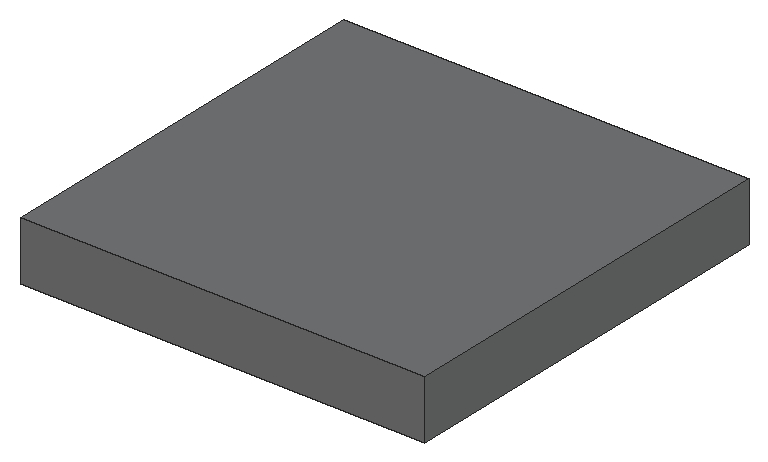
Revit family "Gira_0268005", category Electrical Fixtures, host Face, Revit 2017
Family settings
  Host = Face
  Maintain Annotation Orientation = No
  Round Connector Dimension = Use Diameter
  Part Type = Normal
  Cut with Voids When Loaded = No
  Shared = No
  Room Calculation Point = No
Parameters (values of type "Blank cov.pl. sup.ring System 55 black m")
  URL = "http://katalog.gira.de/en/datenblatt.html?artikelnr=0268005"
  Transparent = "No"
  Name = "Blank cov.pl. sup.ring System 55 black m"
  Manufacturer URL = "https://www.gira.de/"
  Manufacturer = "Gira"
  Keynote = ""
  HeinzeBIM = "https://bimportal.heinze.de/bim/blank-cov-pl-sup-ring-system-55-black-m/e1971f67f20861618c862368c9105725f9116759"
  HAN = "0268005"
  GTIN = "4010337037040"
  Description = "Bl.cov.pl.sup.r. Sys55 BKm,Blank cover plate with support ring,,black matt,Notes :,- For screw mounting only."
  Default Elevation = 1219.2 mm
  Data sheet (1) = "https://katalog.gira.de/en/download.html?artikelnr=0268005"
  Category = "Insert/cover for communication technology"
  BIM (1) = "https://media.stage.bim.site/public/gira/36a6b08/Sys55_Abdeckung_Schalten und Tasten.rfa?public/gira/36a6b08/Sys55_Abdeckung_Schalten und Tasten.rfa"
  Available = "No"
  Anthrazit [instance] = Anthrazit
Reference planes
  plane 1 "Center (Front/Back)": y = 0
  plane 2: z = 0
  plane 3 "Center (Left/Right)": x = 0
Forms (mm)
  Extrusion 1, solid, material "Anthrazit" <- "Anthrazit", detail levels fine
    sketch origin (0, 0, 0) x (1, 0, 0) y (0, 1, 0)
      loop
        line (-27.5, 27.5) -> (-27.5, -27.5) -> (27.5, -27.5) -> (27.5, 27.5) -> (-27.5, 27.5)
    from 0 to 8
  Extrusion 2, void
    sketch origin (0, 0, 0) x (1, 0, 0) y (0, 1, 0)
      loop
        line (26, 26) -> (-26, 26) -> (-26, -26) -> (26, -26) -> (26, 26)
    from 0 to 6
  Extrusion 3, solid, material "Anthrazit" <- "Anthrazit", detail levels medium
    sketch origin (0, 0, 0) x (1, 0, 0) y (0, 1, 0)
      loop
        line (-27.5, 27.5) -> (-27.5, -27.5) -> (27.5, -27.5) -> (27.5, 27.5) -> (-27.5, 27.5)
    from 0 to 8
  Extrusion 4, solid, material "Anthrazit" <- "Anthrazit", detail levels medium
    sketch origin (0, 0, 0) x (1, 0, 0) y (0, 1, 0)
      loop
        line (11, -17.5) -> (11, 17.5) -> (-11, 17.5) -> (-11, -17.5) -> (11, -17.5)
    from -6 to 6
  Extrusion 5, solid, material "Anthrazit" <- "Anthrazit", detail levels fine
    sketch origin (0, 0, 0) x (1, 0, 0) y (0, 1, 0)
      loop
        line (11, 17.5) -> (-11, 17.5) -> (-11, 16.5) -> (11, 16.5) -> (11, 17.5)
      loop
        line (-11, -16.5) -> (-11, -17.5) -> (11, -17.5) -> (11, -16.5) -> (-11, -16.5)
    from -4 to 6
  Extrusion 6, solid, material "Anthrazit" <- "Anthrazit", detail levels fine
    sketch origin (0, 0, 0) x (1, 0, 0) y (0, 1, 0)
      loop
        arc (5, 9.347) -> (0, 10.6) -> (-5, 9.347) r 10.6
        line (-5, 9.347) -> (-5, -9.347)
        arc (-5, -9.347) -> (0, -10.6) -> (5, -9.347) r 10.6
        line (5, -9.347) -> (5, 9.347)
    from -6 to 6
  Extrusion 7, solid, material "Anthrazit" <- "Anthrazit", detail levels coarse
    sketch origin (0, 0, 0) x (1, 0, 0) y (0, 1, 0)
      loop
        line (-27.5, 27.5) -> (-27.5, -27.5) -> (27.5, -27.5) -> (27.5, 27.5) -> (-27.5, 27.5)
    from -6 to 8
Cuts and joins
  Extrusion 2 cuts Extrusion 1
Dimensions and locks
  aligned and locked: plane 2 to host face
  aligned and locked: level to host face
